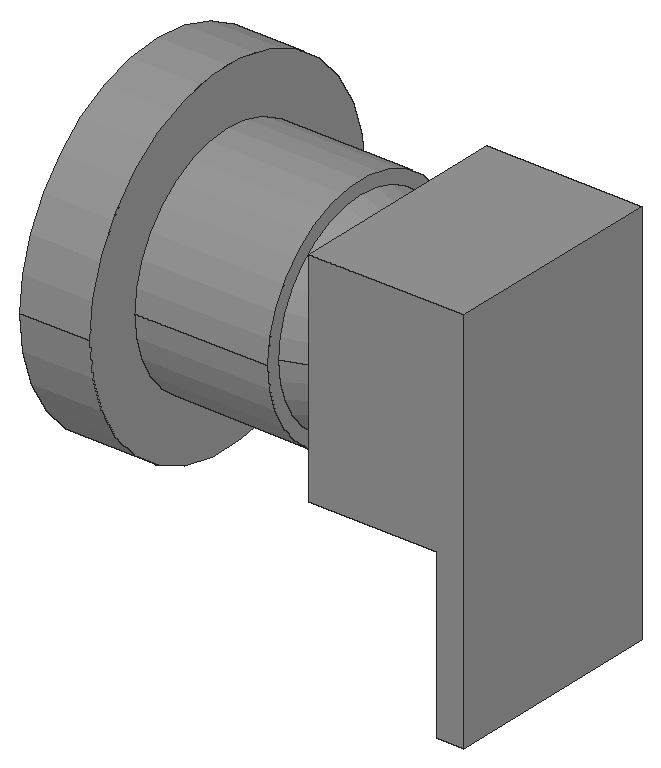
Revit family "Rettangolo 09955 + 20061", category Plumbing Fixtures, Revit 2013
Parameters (values of type "Rettangolo 09955 + 20061")
  URL = "http://www.abey.com.au/store/tapware/bathroom-tapware2/gessi/rettangolo2/bathshower-mixer-6/"
  Mounting Height [instance] = 1000 mm
  Model = "Rettangolo 09955 + 20061"
  Manufacturer = "Gessi"
  Description = "Bath/shower mixer (supplied in two parts)"
Reference planes
  plane 1 "Center (Front/Back)": y = 0
  plane 2: z = 0
  plane 3 "Center (Left/Right)": x = 0
  plane 4: z = 1000
Dimensions and locks
  "Mounting Height": plane 4 to plane 2
  aligned and locked: level to plane 2
  aligned and locked: nested 1 to plane 4
Nested families
  nested 1: "09955 + 20061" at (0, 0, 1019.998), type "09955 + 20061"
Definition of nested family "09955 + 20061"
  Reference planes
    plane 1 "Center (Front/Back)": y = 0
    plane 2: z = 0
    plane 3 "Center (Left/Right)": x = 0
  Forms (mm)
    Extrusion 1, solid, material "Steel, Chrome Plated"
      sketch origin (-3.5, 0, 0) x (1, 0, 0) y (0, 0, 1)
        loop
          line (69.774, -19.998) -> (69.774, -49.983) -> (74.779, -49.983) -> (74.779, 19.996) -> (46.803, 19.996) -> (46.803, -19.998) -> (69.774, -19.998)
      from -20 to 20
    Extrusion 2, solid, material "Steel, Chrome Plated"
      sketch origin (0, 0, 0) x (0, 1, 0) y (0, 0, 1)
        loop
          circle (0, 0) r 31
      from 0 to 12.5
    Extrusion 3, solid, material "Steel, Chrome Plated"
      sketch origin (0, 0, 0) x (0, 1, 0) y (0, 0, 1)
        loop
          circle (0, 0) r 20.9
      from 12.5 to 36.6
    Blend 4, solid, material "Steel, Chrome Plated"
      base sketch origin (0, 0, 0) x (0, 1, 0) y (0, 0, 1)
        loop
          circle (0, 0) r 18.6
      top sketch origin (0, 0, 0) x (0, 1, 0) y (0, 0, 1)
        loop
          circle (0, 0) r 16.1
      from 36.6 to 43.3
  Dimensions and locks
    aligned and locked: level to plane 2
